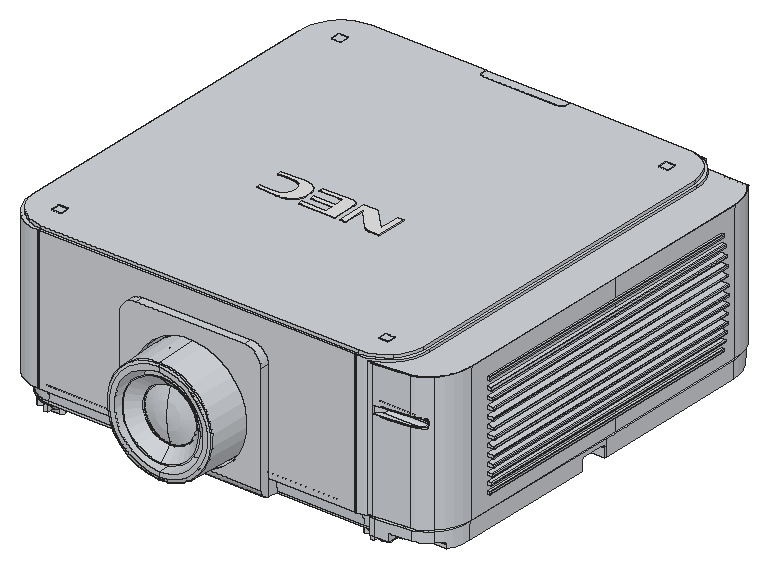
Revit family "PX602WL", category Generic Models, Revit 2012 (continued)
Forms (in)
  Extrusion 32, void
    sketch origin (0, 0, 0) x (0, 1, 0) y (0, 0, 1)
      loop
        line (12.80398, 2.75124) -> (13.86296, 2.75124)
        arc (13.86296, 2.75124) -> (13.87913, 2.75794) -> (13.88583, 2.77411) r 0.02286
        line (13.88583, 2.77411) -> (13.88583, 2.87547)
      loop
        arc (12.70472, 2.87547) -> (12.69844, 2.89063) -> (12.68328, 2.89691) r 0.02144
        line (12.68328, 2.89691) -> (11.58151, 2.89691)
        arc (11.58151, 2.89691) -> (11.56548, 2.89027) -> (11.55884, 2.87424) r 0.02267
        line (11.55884, 2.87424) -> (11.55884, 2.7703)
        arc (11.55884, 2.7703) -> (11.56604, 2.75297) -> (11.5834, 2.74586) r 0.02444
        line (11.5834, 2.74586) -> (12.68301, 2.75123)
        arc (12.68301, 2.75123) -> (12.69837, 2.75766) -> (12.70472, 2.77305) r 0.02182
        line (12.70472, 2.77305) -> (12.70472, 2.87547)
      loop
        line (11.48841, 2.77658) -> (11.48841, 2.8798)
        arc (11.48841, 2.8798) -> (11.48187, 2.89558) -> (11.46609, 2.90211) r 0.02231
        line (11.46609, 2.90211) -> (10.41449, 2.90198)
        arc (10.41449, 2.90198) -> (10.39144, 2.89242) -> (10.38189, 2.86937) r 0.03261
        line (10.38189, 2.86937) -> (10.38189, 2.77374)
        arc (10.38189, 2.77374) -> (10.38848, 2.75783) -> (10.40438, 2.75124) r 0.02249
        line (10.40438, 2.75124) -> (11.46307, 2.75124)
        arc (11.46307, 2.75124) -> (11.48098, 2.75867) -> (11.48841, 2.77658) r 0.02534
      loop
        arc (10.30315, 2.87559) -> (10.2969, 2.89067) -> (10.28183, 2.89691) r 0.02132
        line (10.28183, 2.89691) -> (9.22339, 2.89691)
        arc (9.22339, 2.89691) -> (9.20741, 2.89029) -> (9.20079, 2.87431) r 0.0226
        line (9.20079, 2.87431) -> (9.20079, 2.77271)
        arc (9.20079, 2.77271) -> (9.20707, 2.75753) -> (9.22225, 2.75124) r 0.02146
        line (9.22225, 2.75124) -> (10.28178, 2.75124)
        arc (10.28178, 2.75124) -> (10.29689, 2.7575) -> (10.30315, 2.77261) r 0.02137
        line (10.30315, 2.77261) -> (10.30315, 2.87559)
      loop
        arc (9.12205, 2.87576) -> (9.11585, 2.89072) -> (9.1009, 2.89691) r 0.02115
        line (9.1009, 2.89691) -> (8.04105, 2.89691)
        arc (8.04105, 2.89691) -> (8.02594, 2.89066) -> (8.01969, 2.87555) r 0.02137
        line (8.01969, 2.87555) -> (8.01969, 2.77225)
        arc (8.01969, 2.77225) -> (8.02584, 2.7574) -> (8.04069, 2.75124) r 0.021
        line (8.04069, 2.75124) -> (9.09901, 2.75124)
        arc (9.09901, 2.75124) -> (9.1153, 2.75799) -> (9.12205, 2.77428) r 0.02304
        line (9.12205, 2.77428) -> (9.12205, 2.87576)
      loop
        arc (7.94094, 2.87568) -> (7.93473, 2.8907) -> (7.91971, 2.89691) r 0.02123
        line (7.91971, 2.89691) -> (6.81961, 2.89691)
        arc (6.81961, 2.89691) -> (6.80519, 2.89094) -> (6.79921, 2.87652) r 0.0204
        line (6.79921, 2.87652) -> (6.79921, 2.77368)
        arc (6.79921, 2.77368) -> (6.80578, 2.75782) -> (6.82165, 2.75124) r 0.02244
        line (6.82165, 2.75124) -> (7.92041, 2.75124)
        arc (7.92041, 2.75124) -> (7.93493, 2.75726) -> (7.94094, 2.77178) r 0.02053
        line (7.94094, 2.77178) -> (7.94094, 2.87568)
      loop
        line (16.24803, 3.0029) -> (16.24803, 3.0968)
        arc (16.24803, 3.0968) -> (16.24035, 3.11536) -> (16.22179, 3.12305) r 0.02624
        line (16.22179, 3.12305) -> (15.16716, 3.12305)
        arc (15.16716, 3.12305) -> (15.15196, 3.11675) -> (15.14567, 3.10155) r 0.02149
        line (15.14567, 3.10155) -> (15.14567, 3.00045)
        arc (15.14567, 3.00045) -> (15.15243, 2.98413) -> (15.16874, 2.97738) r 0.02307
        line (15.16874, 2.97738) -> (16.22251, 2.97738)
        arc (16.22251, 2.97738) -> (16.24056, 2.98485) -> (16.24803, 3.0029) r 0.02552
      loop
        arc (15.06693, 3.10102) -> (15.06048, 3.11659) -> (15.0449, 3.12305) r 0.02203
        line (15.0449, 3.12305) -> (13.98681, 3.12305)
        arc (13.98681, 3.12305) -> (13.97108, 3.11653) -> (13.96457, 3.1008) r 0.02225
        line (13.96457, 3.1008) -> (13.96457, 2.99899)
        arc (13.96457, 2.99899) -> (13.9709, 2.98371) -> (13.98618, 2.97738) r 0.02161
        line (13.98618, 2.97738) -> (15.04456, 2.97738)
        arc (15.04456, 2.97738) -> (15.06038, 2.98393) -> (15.06693, 2.99975) r 0.02237
        line (15.06693, 2.99975) -> (15.06693, 3.10102)
      loop
        arc (13.88583, 3.1016) -> (13.87954, 3.11676) -> (13.86438, 3.12305) r 0.02145
        line (13.86438, 3.12305) -> (12.80478, 3.12305)
        arc (12.80478, 3.12305) -> (12.78971, 3.1168) -> (12.78346, 3.10173) r 0.02131
        line (12.78346, 3.10173) -> (12.78346, 2.99789)
        arc (12.78346, 2.99789) -> (12.78947, 2.98339) -> (12.80398, 2.97738) r 0.02052
        line (12.80398, 2.97738) -> (13.86296, 2.97738)
        arc (13.86296, 2.97738) -> (13.87913, 2.98407) -> (13.88583, 3.00024) r 0.02286
        line (13.88583, 3.00024) -> (13.88583, 3.1016)
      loop
        arc (12.70472, 3.1016) -> (12.69844, 3.11677) -> (12.68328, 3.12305) r 0.02144
        line (12.68328, 3.12305) -> (11.58151, 3.12305)
        arc (11.58151, 3.12305) -> (11.56548, 3.11641) -> (11.55884, 3.10038) r 0.02267
        line (11.55884, 3.10038) -> (11.55884, 2.99643)
        arc (11.55884, 2.99643) -> (11.56604, 2.9791) -> (11.5834, 2.97199) r 0.02444
        line (11.5834, 2.97199) -> (12.68301, 2.97737)
        arc (12.68301, 2.97737) -> (12.69837, 2.98379) -> (12.70472, 2.99918) r 0.02182
        line (12.70472, 2.99918) -> (12.70472, 3.1016)
      loop
        line (11.48841, 3.00272) -> (11.48841, 3.10593)
        arc (11.48841, 3.10593) -> (11.48187, 3.12171) -> (11.46609, 3.12824) r 0.02231
        line (11.46609, 3.12824) -> (10.41449, 3.12811)
        arc (10.41449, 3.12811) -> (10.39144, 3.11856) -> (10.38189, 3.0955) r 0.03261
        line (10.38189, 3.0955) -> (10.38189, 2.99987)
        arc (10.38189, 2.99987) -> (10.38848, 2.98396) -> (10.40438, 2.97738) r 0.02249
        line (10.40438, 2.97738) -> (11.46307, 2.97738)
        arc (11.46307, 2.97738) -> (11.48098, 2.9848) -> (11.48841, 3.00272) r 0.02534
      loop
        arc (10.30315, 3.10172) -> (10.2969, 3.1168) -> (10.28183, 3.12305) r 0.02132
        line (10.28183, 3.12305) -> (9.22339, 3.12305)
        arc (9.22339, 3.12305) -> (9.20741, 3.11643) -> (9.20079, 3.10044) r 0.0226
        line (9.20079, 3.10044) -> (9.20079, 2.99884)
        arc (9.20079, 2.99884) -> (9.20707, 2.98366) -> (9.22225, 2.97738) r 0.02146
        line (9.22225, 2.97738) -> (10.28178, 2.97738)
        arc (10.28178, 2.97738) -> (10.29689, 2.98364) -> (10.30315, 2.99874) r 0.02137
        line (10.30315, 2.99874) -> (10.30315, 3.10172)
      loop
        arc (9.12205, 3.10189) -> (9.11585, 3.11685) -> (9.1009, 3.12305) r 0.02115
        line (9.1009, 3.12305) -> (8.04105, 3.12305)
        arc (8.04105, 3.12305) -> (8.02594, 3.11679) -> (8.01969, 3.10168) r 0.02137
        line (8.01969, 3.10168) -> (8.01969, 2.99838)
        arc (8.01969, 2.99838) -> (8.02584, 2.98353) -> (8.04069, 2.97738) r 0.021
        line (8.04069, 2.97738) -> (9.09901, 2.97738)
        arc (9.09901, 2.97738) -> (9.1153, 2.98412) -> (9.12205, 3.00041) r 0.02304
        line (9.12205, 3.00041) -> (9.12205, 3.10189)
      loop
        arc (7.94094, 3.10181) -> (7.93473, 3.11683) -> (7.91971, 3.12305) r 0.02123
        line (7.91971, 3.12305) -> (6.81961, 3.12305)
        arc (6.81961, 3.12305) -> (6.80519, 3.11707) -> (6.79921, 3.10265) r 0.0204
        line (6.79921, 3.10265) -> (6.79921, 2.99982)
        arc (6.79921, 2.99982) -> (6.80578, 2.98395) -> (6.82165, 2.97738) r 0.02244
        line (6.82165, 2.97738) -> (7.92041, 2.97738)
        arc (7.92041, 2.97738) -> (7.93493, 2.98339) -> (7.94094, 2.99791) r 0.02053
        line (7.94094, 2.99791) -> (7.94094, 3.10181)
      loop
        line (16.24803, 3.22353) -> (16.24803, 3.31744)
        arc (16.24803, 3.31744) -> (16.24035, 3.336) -> (16.22179, 3.34368) r 0.02624
        line (16.22179, 3.34368) -> (15.16716, 3.34368)
        arc (15.16716, 3.34368) -> (15.15196, 3.33739) -> (15.14567, 3.32219) r 0.02149
        line (15.14567, 3.32219) -> (15.14567, 3.22109)
        arc (15.14567, 3.22109) -> (15.15243, 3.20477) -> (15.16874, 3.19801) r 0.02307
        line (15.16874, 3.19801) -> (16.22251, 3.19801)
        arc (16.22251, 3.19801) -> (16.24056, 3.20549) -> (16.24803, 3.22353) r 0.02552
      loop
        arc (15.06693, 3.32165) -> (15.06048, 3.33723) -> (15.0449, 3.34368) r 0.02203
        line (15.0449, 3.34368) -> (13.98681, 3.34368)
        arc (13.98681, 3.34368) -> (13.97108, 3.33717) -> (13.96457, 3.32143) r 0.02225
        line (13.96457, 3.32143) -> (13.96457, 3.21962)
        arc (13.96457, 3.21962) -> (13.9709, 3.20434) -> (13.98618, 3.19801) r 0.02161
        line (13.98618, 3.19801) -> (15.04456, 3.19801)
        arc (15.04456, 3.19801) -> (15.06038, 3.20456) -> (15.06693, 3.22038) r 0.02237
        line (15.06693, 3.22038) -> (15.06693, 3.32165)
      loop
        arc (13.88583, 3.32223) -> (13.87954, 3.3374) -> (13.86438, 3.34368) r 0.02145
        line (13.86438, 3.34368) -> (12.80478, 3.34368)
        arc (12.80478, 3.34368) -> (12.78971, 3.33744) -> (12.78346, 3.32237) r 0.02131
        line (12.78346, 3.32237) -> (12.78346, 3.21853)
        arc (12.78346, 3.21853) -> (12.78947, 3.20402) -> (12.80398, 3.19801) r 0.02052
        line (12.80398, 3.19801) -> (13.86296, 3.19801)
        arc (13.86296, 3.19801) -> (13.87913, 3.20471) -> (13.88583, 3.22088) r 0.02286
        line (13.88583, 3.22088) -> (13.88583, 3.32223)
      loop
        arc (12.70472, 3.32224) -> (12.69844, 3.3374) -> (12.68328, 3.34368) r 0.02144
        line (12.68328, 3.34368) -> (11.58151, 3.34368)
        arc (11.58151, 3.34368) -> (11.56548, 3.33704) -> (11.55884, 3.32101) r 0.02267
        line (11.55884, 3.32101) -> (11.55884, 3.21706)
        arc (11.55884, 3.21706) -> (11.56604, 3.19974) -> (11.5834, 3.19262) r 0.02444
        line (11.5834, 3.19262) -> (12.68301, 3.198)
        arc (12.68301, 3.198) -> (12.69837, 3.20443) -> (12.70472, 3.21982) r 0.02182
        line (12.70472, 3.21982) -> (12.70472, 3.32224)
      loop
        line (11.48841, 3.22335) -> (11.48841, 3.32657)
        arc (11.48841, 3.32657) -> (11.48187, 3.34234) -> (11.46609, 3.34888) r 0.02231
        line (11.46609, 3.34888) -> (10.41449, 3.34874)
        arc (10.41449, 3.34874) -> (10.39144, 3.33919) -> (10.38189, 3.31614) r 0.03261
        line (10.38189, 3.31614) -> (10.38189, 3.2205)
        arc (10.38189, 3.2205) -> (10.38848, 3.2046) -> (10.40438, 3.19801) r 0.02249
        line (10.40438, 3.19801) -> (11.46307, 3.19801)
        arc (11.46307, 3.19801) -> (11.48098, 3.20543) -> (11.48841, 3.22335) r 0.02534
      loop
        arc (10.30315, 3.32236) -> (10.2969, 3.33744) -> (10.28183, 3.34368) r 0.02132
        line (10.28183, 3.34368) -> (9.22339, 3.34368)
        arc (9.22339, 3.34368) -> (9.20741, 3.33706) -> (9.20079, 3.32108) r 0.0226
        line (9.20079, 3.32108) -> (9.20079, 3.21948)
        arc (9.20079, 3.21948) -> (9.20707, 3.2043) -> (9.22225, 3.19801) r 0.02146
        line (9.22225, 3.19801) -> (10.28178, 3.19801)
        arc (10.28178, 3.19801) -> (10.29689, 3.20427) -> (10.30315, 3.21938) r 0.02137
        line (10.30315, 3.21938) -> (10.30315, 3.32236)
      loop
        arc (9.12205, 3.32253) -> (9.11585, 3.33749) -> (9.1009, 3.34368) r 0.02115
        line (9.1009, 3.34368) -> (8.04105, 3.34368)
        arc (8.04105, 3.34368) -> (8.02594, 3.33742) -> (8.01969, 3.32231) r 0.02137
        line (8.01969, 3.32231) -> (8.01969, 3.21901)
        arc (8.01969, 3.21901) -> (8.02584, 3.20416) -> (8.04069, 3.19801) r 0.021
        line (8.04069, 3.19801) -> (9.09901, 3.19801)
        arc (9.09901, 3.19801) -> (9.1153, 3.20476) -> (9.12205, 3.22105) r 0.02304
        line (9.12205, 3.22105) -> (9.12205, 3.32253)
      loop
        arc (7.94094, 3.32245) -> (7.93473, 3.33746) -> (7.91971, 3.34368) r 0.02123
        line (7.91971, 3.34368) -> (6.81961, 3.34368)
        arc (6.81961, 3.34368) -> (6.80519, 3.33771) -> (6.79921, 3.32329) r 0.0204
        line (6.79921, 3.32329) -> (6.79921, 3.22045)
        arc (6.79921, 3.22045) -> (6.80578, 3.20458) -> (6.82165, 3.19801) r 0.02244
        line (6.82165, 3.19801) -> (7.92041, 3.19801)
        arc (7.92041, 3.19801) -> (7.93493, 3.20403) -> (7.94094, 3.21854) r 0.02053
        line (7.94094, 3.21854) -> (7.94094, 3.32245)
      loop
        line (16.24803, 3.4498) -> (16.24803, 3.54371)
        arc (16.24803, 3.54371) -> (16.24035, 3.56227) -> (16.22179, 3.56995) r 0.02624
        line (16.22179, 3.56995) -> (15.16716, 3.56995)
        arc (15.16716, 3.56995) -> (15.15196, 3.56366) -> (15.14567, 3.54846) r 0.02149
        line (15.14567, 3.54846) -> (15.14567, 3.44736)
        arc (15.14567, 3.44736) -> (15.15243, 3.43104) -> (15.16874, 3.42428) r 0.02307
        line (15.16874, 3.42428) -> (16.22251, 3.42428)
        arc (16.22251, 3.42428) -> (16.24056, 3.43176) -> (16.24803, 3.4498) r 0.02552
      loop
        arc (15.06693, 3.54792) -> (15.06048, 3.5635) -> (15.0449, 3.56995) r 0.02203
        line (15.0449, 3.56995) -> (13.98681, 3.56995)
        arc (13.98681, 3.56995) -> (13.97108, 3.56344) -> (13.96457, 3.54771) r 0.02225
        line (13.96457, 3.54771) -> (13.96457, 3.44589)
        arc (13.96457, 3.44589) -> (13.9709, 3.43061) -> (13.98618, 3.42428) r 0.02161
        line (13.98618, 3.42428) -> (15.04456, 3.42428)
        arc (15.04456, 3.42428) -> (15.06038, 3.43084) -> (15.06693, 3.44665) r 0.02237
        line (15.06693, 3.44665) -> (15.06693, 3.54792)
      loop
        arc (13.88583, 3.54851) -> (13.87954, 3.56367) -> (13.86438, 3.56995) r 0.02145
        line (13.86438, 3.56995) -> (12.80478, 3.56995)
        arc (12.80478, 3.56995) -> (12.78971, 3.56371) -> (12.78346, 3.54864) r 0.02131
        line (12.78346, 3.54864) -> (12.78346, 3.4448)
        arc (12.78346, 3.4448) -> (12.78947, 3.43029) -> (12.80398, 3.42428) r 0.02052
        line (12.80398, 3.42428) -> (13.86296, 3.42428)
        arc (13.86296, 3.42428) -> (13.87913, 3.43098) -> (13.88583, 3.44715) r 0.02286
        line (13.88583, 3.44715) -> (13.88583, 3.54851)
      loop
        arc (12.70472, 3.54851) -> (12.69844, 3.56367) -> (12.68328, 3.56995) r 0.02144
        line (12.68328, 3.56995) -> (11.58151, 3.56995)
        arc (11.58151, 3.56995) -> (11.56548, 3.56331) -> (11.55884, 3.54728) r 0.02267
        line (11.55884, 3.54728) -> (11.55884, 3.44334)
        arc (11.55884, 3.44334) -> (11.56604, 3.42601) -> (11.5834, 3.41889) r 0.02444
        line (11.5834, 3.41889) -> (12.68301, 3.42427)
        arc (12.68301, 3.42427) -> (12.69837, 3.4307) -> (12.70472, 3.44609) r 0.02182
        line (12.70472, 3.44609) -> (12.70472, 3.54851)
      loop
        line (11.48841, 3.44962) -> (11.48841, 3.55284)
        arc (11.48841, 3.55284) -> (11.48187, 3.56862) -> (11.46609, 3.57515) r 0.02231
        line (11.46609, 3.57515) -> (10.41449, 3.57502)
        arc (10.41449, 3.57502) -> (10.39144, 3.56546) -> (10.38189, 3.54241) r 0.03261
        line (10.38189, 3.54241) -> (10.38189, 3.44678)
        arc (10.38189, 3.44678) -> (10.38848, 3.43087) -> (10.40438, 3.42428) r 0.02249
        line (10.40438, 3.42428) -> (11.46307, 3.42428)
        arc (11.46307, 3.42428) -> (11.48098, 3.43171) -> (11.48841, 3.44962) r 0.02534
      loop
        arc (10.30315, 3.54863) -> (10.2969, 3.56371) -> (10.28183, 3.56995) r 0.02132
        line (10.28183, 3.56995) -> (9.22339, 3.56995)
        arc (9.22339, 3.56995) -> (9.20741, 3.56333) -> (9.20079, 3.54735) r 0.0226
        line (9.20079, 3.54735) -> (9.20079, 3.44575)
        arc (9.20079, 3.44575) -> (9.20707, 3.43057) -> (9.22225, 3.42428) r 0.02146
        line (9.22225, 3.42428) -> (10.28178, 3.42428)
        arc (10.28178, 3.42428) -> (10.29689, 3.43054) -> (10.30315, 3.44565) r 0.02137
        line (10.30315, 3.44565) -> (10.30315, 3.54863)
      loop
        arc (9.12205, 3.5488) -> (9.11585, 3.56376) -> (9.1009, 3.56995) r 0.02115
        line (9.1009, 3.56995) -> (8.04105, 3.56995)
        arc (8.04105, 3.56995) -> (8.02594, 3.5637) -> (8.01969, 3.54859) r 0.02137
        line (8.01969, 3.54859) -> (8.01969, 3.44529)
        arc (8.01969, 3.44529) -> (8.02584, 3.43044) -> (8.04069, 3.42428) r 0.021
        line (8.04069, 3.42428) -> (9.09901, 3.42428)
        arc (9.09901, 3.42428) -> (9.1153, 3.43103) -> (9.12205, 3.44732) r 0.02304
        line (9.12205, 3.44732) -> (9.12205, 3.5488)
      loop
        arc (7.94094, 3.54872) -> (7.93473, 3.56373) -> (7.91971, 3.56995) r 0.02123
        line (7.91971, 3.56995) -> (6.81961, 3.56995)
        arc (6.81961, 3.56995) -> (6.80519, 3.56398) -> (6.79921, 3.54956) r 0.0204
        line (6.79921, 3.54956) -> (6.79921, 3.44672)
        arc (6.79921, 3.44672) -> (6.80578, 3.43086) -> (6.82165, 3.42428) r 0.02244
        line (6.82165, 3.42428) -> (7.92041, 3.42428)
        arc (7.92041, 3.42428) -> (7.93493, 3.4303) -> (7.94094, 3.44482) r 0.02053
        line (7.94094, 3.44482) -> (7.94094, 3.54872)
      loop
        line (16.24803, 3.67506) -> (16.24803, 3.76896)
        arc (16.24803, 3.76896) -> (16.24035, 3.78752) -> (16.22179, 3.79521) r 0.02624
        line (16.22179, 3.79521) -> (15.16716, 3.79521)
        arc (15.16716, 3.79521) -> (15.15196, 3.78891) -> (15.14567, 3.77371) r 0.02149
        line (15.14567, 3.77371) -> (15.14567, 3.67261)
        arc (15.14567, 3.67261) -> (15.15243, 3.6563) -> (15.16874, 3.64954) r 0.02307
        line (15.16874, 3.64954) -> (16.22251, 3.64954)
        arc (16.22251, 3.64954) -> (16.24056, 3.65701) -> (16.24803, 3.67506) r 0.02552
      loop
        arc (15.06693, 3.77318) -> (15.06048, 3.78875) -> (15.0449, 3.79521) r 0.02203
        line (15.0449, 3.79521) -> (13.98681, 3.79521)
        arc (13.98681, 3.79521) -> (13.97108, 3.78869) -> (13.96457, 3.77296) r 0.02225
        line (13.96457, 3.77296) -> (13.96457, 3.67115)
        arc (13.96457, 3.67115) -> (13.9709, 3.65587) -> (13.98618, 3.64954) r 0.02161
        line (13.98618, 3.64954) -> (15.04456, 3.64954)
        arc (15.04456, 3.64954) -> (15.06038, 3.65609) -> (15.06693, 3.67191) r 0.02237
        line (15.06693, 3.67191) -> (15.06693, 3.77318)
      loop
        arc (13.88583, 3.77376) -> (13.87954, 3.78892) -> (13.86438, 3.79521) r 0.02145
        line (13.86438, 3.79521) -> (12.80478, 3.79521)
        arc (12.80478, 3.79521) -> (12.78971, 3.78896) -> (12.78346, 3.77389) r 0.02131
        line (12.78346, 3.77389) -> (12.78346, 3.67005)
        arc (12.78346, 3.67005) -> (12.78947, 3.65555) -> (12.80398, 3.64954) r 0.02052
        line (12.80398, 3.64954) -> (13.86296, 3.64954)
        arc (13.86296, 3.64954) -> (13.87913, 3.65623) -> (13.88583, 3.6724) r 0.02286
        line (13.88583, 3.6724) -> (13.88583, 3.77376)
      loop
        arc (12.70472, 3.77377) -> (12.69844, 3.78893) -> (12.68328, 3.79521) r 0.02144
        line (12.68328, 3.79521) -> (11.58151, 3.79521)
        arc (11.58151, 3.79521) -> (11.56548, 3.78857) -> (11.55884, 3.77254) r 0.02267
        line (11.55884, 3.77254) -> (11.55884, 3.66859)
        arc (11.55884, 3.66859) -> (11.56604, 3.65126) -> (11.5834, 3.64415) r 0.02444
        line (11.5834, 3.64415) -> (12.68301, 3.64953)
        arc (12.68301, 3.64953) -> (12.69837, 3.65595) -> (12.70472, 3.67134) r 0.02182
        line (12.70472, 3.67134) -> (12.70472, 3.77377)
      loop
        line (11.48841, 3.67488) -> (11.48841, 3.77809)
        arc (11.48841, 3.77809) -> (11.48187, 3.79387) -> (11.46609, 3.8004) r 0.02231
        line (11.46609, 3.8004) -> (10.41449, 3.80027)
        arc (10.41449, 3.80027) -> (10.39144, 3.79072) -> (10.38189, 3.76766) r 0.03261
        line (10.38189, 3.76766) -> (10.38189, 3.67203)
        arc (10.38189, 3.67203) -> (10.38848, 3.65612) -> (10.40438, 3.64954) r 0.02249
        line (10.40438, 3.64954) -> (11.46307, 3.64954)
        arc (11.46307, 3.64954) -> (11.48098, 3.65696) -> (11.48841, 3.67488) r 0.02534
      loop
        arc (10.30315, 3.77388) -> (10.2969, 3.78896) -> (10.28183, 3.79521) r 0.02132
        line (10.28183, 3.79521) -> (9.22339, 3.79521)
        arc (9.22339, 3.79521) -> (9.20741, 3.78859) -> (9.20079, 3.7726) r 0.0226
        line (9.20079, 3.7726) -> (9.20079, 3.671)
        arc (9.20079, 3.671) -> (9.20707, 3.65582) -> (9.22225, 3.64954) r 0.02146
        line (9.22225, 3.64954) -> (10.28178, 3.64954)
        arc (10.28178, 3.64954) -> (10.29689, 3.6558) -> (10.30315, 3.67091) r 0.02137
        line (10.30315, 3.67091) -> (10.30315, 3.77388)
      loop
        arc (9.12205, 3.77406) -> (9.11585, 3.78901) -> (9.1009, 3.79521) r 0.02115
        line (9.1009, 3.79521) -> (8.04105, 3.79521)
        arc (8.04105, 3.79521) -> (8.02594, 3.78895) -> (8.01969, 3.77384) r 0.02137
        line (8.01969, 3.77384) -> (8.01969, 3.67054)
        arc (8.01969, 3.67054) -> (8.02584, 3.65569) -> (8.04069, 3.64954) r 0.021
        line (8.04069, 3.64954) -> (9.09901, 3.64954)
        arc (9.09901, 3.64954) -> (9.1153, 3.65628) -> (9.12205, 3.67258) r 0.02304
        line (9.12205, 3.67258) -> (9.12205, 3.77406)
      loop
        arc (7.94094, 3.77397) -> (7.93473, 3.78899) -> (7.91971, 3.79521) r 0.02123
        line (7.91971, 3.79521) -> (6.81961, 3.79521)
        arc (6.81961, 3.79521) -> (6.80519, 3.78923) -> (6.79921, 3.77481) r 0.0204
        line (6.79921, 3.77481) -> (6.79921, 3.67198)
        arc (6.79921, 3.67198) -> (6.80578, 3.65611) -> (6.82165, 3.64954) r 0.02244
        line (6.82165, 3.64954) -> (7.92041, 3.64954)
        arc (7.92041, 3.64954) -> (7.93493, 3.65555) -> (7.94094, 3.67007) r 0.02053
        line (7.94094, 3.67007) -> (7.94094, 3.77397)
      loop
        line (16.24803, 3.89716) -> (16.24803, 3.99106)
        arc (16.24803, 3.99106) -> (16.24035, 4.00962) -> (16.22179, 4.01731) r 0.02624
        line (16.22179, 4.01731) -> (15.16716, 4.01731)
        arc (15.16716, 4.01731) -> (15.15196, 4.01101) -> (15.14567, 3.99581) r 0.02149
        line (15.14567, 3.99581) -> (15.14567, 3.89471)
        arc (15.14567, 3.89471) -> (15.15243, 3.8784) -> (15.16874, 3.87164) r 0.02307
        line (15.16874, 3.87164) -> (16.22251, 3.87164)
        arc (16.22251, 3.87164) -> (16.24056, 3.87911) -> (16.24803, 3.89716) r 0.02552
      loop
        arc (15.06693, 3.99528) -> (15.06048, 4.01085) -> (15.0449, 4.01731) r 0.02203
        line (15.0449, 4.01731) -> (13.98681, 4.01731)
        arc (13.98681, 4.01731) -> (13.97108, 4.01079) -> (13.96457, 3.99506) r 0.02225
        line (13.96457, 3.99506) -> (13.96457, 3.89325)
        arc (13.96457, 3.89325) -> (13.9709, 3.87797) -> (13.98618, 3.87164) r 0.02161
        line (13.98618, 3.87164) -> (15.04456, 3.87164)
        arc (15.04456, 3.87164) -> (15.06038, 3.87819) -> (15.06693, 3.89401) r 0.02237
        line (15.06693, 3.89401) -> (15.06693, 3.99528)
      loop
        arc (13.88583, 3.99586) -> (13.87954, 4.01102) -> (13.86438, 4.01731) r 0.02145
        line (13.86438, 4.01731) -> (12.80478, 4.01731)
        arc (12.80478, 4.01731) -> (12.78971, 4.01106) -> (12.78346, 3.99599) r 0.02131
        line (12.78346, 3.99599) -> (12.78346, 3.89215)
        arc (12.78346, 3.89215) -> (12.78947, 3.87765) -> (12.80398, 3.87164) r 0.02052
        line (12.80398, 3.87164) -> (13.86296, 3.87164)
        arc (13.86296, 3.87164) -> (13.87913, 3.87833) -> (13.88583, 3.8945) r 0.02286
        line (13.88583, 3.8945) -> (13.88583, 3.99586)
      loop
        arc (12.70472, 3.99587) -> (12.69844, 4.01103) -> (12.68328, 4.01731) r 0.02144
        line (12.68328, 4.01731) -> (11.58151, 4.01731)
        arc (11.58151, 4.01731) -> (11.56548, 4.01067) -> (11.55884, 3.99464) r 0.02267
        line (11.55884, 3.99464) -> (11.55884, 3.89069)
        arc (11.55884, 3.89069) -> (11.56604, 3.87336) -> (11.5834, 3.86625) r 0.02444
        line (11.5834, 3.86625) -> (12.68301, 3.87163)
        arc (12.68301, 3.87163) -> (12.69837, 3.87805) -> (12.70472, 3.89344) r 0.02182
        line (12.70472, 3.89344) -> (12.70472, 3.99587)
      loop
        line (11.48841, 3.89698) -> (11.48841, 4.00019)
        arc (11.48841, 4.00019) -> (11.48187, 4.01597) -> (11.46609, 4.0225) r 0.02231
        line (11.46609, 4.0225) -> (10.41449, 4.02237)
        arc (10.41449, 4.02237) -> (10.39144, 4.01282) -> (10.38189, 3.98976) r 0.03261
        line (10.38189, 3.98976) -> (10.38189, 3.89413)
        arc (10.38189, 3.89413) -> (10.38848, 3.87822) -> (10.40438, 3.87164) r 0.02249
        line (10.40438, 3.87164) -> (11.46307, 3.87164)
        arc (11.46307, 3.87164) -> (11.48098, 3.87906) -> (11.48841, 3.89698) r 0.02534
      loop
        arc (10.30315, 3.99598) -> (10.2969, 4.01106) -> (10.28183, 4.01731) r 0.02132
        line (10.28183, 4.01731) -> (9.22339, 4.01731)
        arc (9.22339, 4.01731) -> (9.20741, 4.01069) -> (9.20079, 3.9947) r 0.0226
        line (9.20079, 3.9947) -> (9.20079, 3.8931)
        arc (9.20079, 3.8931) -> (9.20707, 3.87792) -> (9.22225, 3.87164) r 0.02146
        line (9.22225, 3.87164) -> (10.28178, 3.87164)
        arc (10.28178, 3.87164) -> (10.29689, 3.8779) -> (10.30315, 3.89301) r 0.02137
        line (10.30315, 3.89301) -> (10.30315, 3.99598)
      loop
        arc (9.12205, 3.99616) -> (9.11585, 4.01111) -> (9.1009, 4.01731) r 0.02115
        line (9.1009, 4.01731) -> (8.04105, 4.01731)
        arc (8.04105, 4.01731) -> (8.02594, 4.01105) -> (8.01969, 3.99594) r 0.02137
        line (8.01969, 3.99594) -> (8.01969, 3.89264)
        arc (8.01969, 3.89264) -> (8.02584, 3.87779) -> (8.04069, 3.87164) r 0.021
        line (8.04069, 3.87164) -> (9.09901, 3.87164)
        arc (9.09901, 3.87164) -> (9.1153, 3.87839) -> (9.12205, 3.89468) r 0.02304
        line (9.12205, 3.89468) -> (9.12205, 3.99616)
      loop
        arc (7.94094, 3.99608) -> (7.93473, 4.01109) -> (7.91971, 4.01731) r 0.02123
        line (7.91971, 4.01731) -> (6.81961, 4.01731)
        arc (6.81961, 4.01731) -> (6.80519, 4.01133) -> (6.79921, 3.99691) r 0.0204
        line (6.79921, 3.99691) -> (6.79921, 3.89408)
        arc (6.79921, 3.89408) -> (6.80578, 3.87821) -> (6.82165, 3.87164) r 0.02244
        line (6.82165, 3.87164) -> (7.92041, 3.87164)
        arc (7.92041, 3.87164) -> (7.93493, 3.87765) -> (7.94094, 3.89217) r 0.02053
        line (7.94094, 3.89217) -> (7.94094, 3.99608)
      loop
        line (16.24803, 4.1206) -> (16.24803, 4.21451)
        arc (16.24803, 4.21451) -> (16.24035, 4.23307) -> (16.22179, 4.24075) r 0.02624
        line (16.22179, 4.24075) -> (15.16716, 4.24075)
        arc (15.16716, 4.24075) -> (15.15196, 4.23446) -> (15.14567, 4.21926) r 0.02149
        line (15.14567, 4.21926) -> (15.14567, 4.11816)
        arc (15.14567, 4.11816) -> (15.15243, 4.10184) -> (15.16874, 4.09509) r 0.02307
        line (15.16874, 4.09509) -> (16.22251, 4.09509)
        arc (16.22251, 4.09509) -> (16.24056, 4.10256) -> (16.24803, 4.1206) r 0.02552
      loop
        arc (15.06693, 4.21872) -> (15.06048, 4.2343) -> (15.0449, 4.24075) r 0.02203
        line (15.0449, 4.24075) -> (13.98681, 4.24075)
        arc (13.98681, 4.24075) -> (13.97108, 4.23424) -> (13.96457, 4.21851) r 0.02225
        line (13.96457, 4.21851) -> (13.96457, 4.11669)
        arc (13.96457, 4.11669) -> (13.9709, 4.10141) -> (13.98618, 4.09509) r 0.02161
        line (13.98618, 4.09509) -> (15.04456, 4.09509)
        arc (15.04456, 4.09509) -> (15.06038, 4.10164) -> (15.06693, 4.11745) r 0.02237
        line (15.06693, 4.11745) -> (15.06693, 4.21872)
      loop
        arc (13.88583, 4.21931) -> (13.87954, 4.23447) -> (13.86438, 4.24075) r 0.02145
        line (13.86438, 4.24075) -> (12.80478, 4.24075)
        arc (12.80478, 4.24075) -> (12.78971, 4.23451) -> (12.78346, 4.21944) r 0.02131
        line (12.78346, 4.21944) -> (12.78346, 4.1156)
        arc (12.78346, 4.1156) -> (12.78947, 4.10109) -> (12.80398, 4.09509) r 0.02052
        line (12.80398, 4.09509) -> (13.86296, 4.09509)
        arc (13.86296, 4.09509) -> (13.87913, 4.10178) -> (13.88583, 4.11795) r 0.02286
        line (13.88583, 4.11795) -> (13.88583, 4.21931)
      loop
        arc (12.70472, 4.21931) -> (12.69844, 4.23447) -> (12.68328, 4.24075) r 0.02144
        line (12.68328, 4.24075) -> (11.58151, 4.24075)
        arc (11.58151, 4.24075) -> (11.56548, 4.23411) -> (11.55884, 4.21808) r 0.02267
        line (11.55884, 4.21808) -> (11.55884, 4.11414)
        arc (11.55884, 4.11414) -> (11.56604, 4.09681) -> (11.5834, 4.0897) r 0.02444
        line (11.5834, 4.0897) -> (12.68301, 4.09508)
        arc (12.68301, 4.09508) -> (12.69837, 4.1015) -> (12.70472, 4.11689) r 0.02182
        line (12.70472, 4.11689) -> (12.70472, 4.21931)
      loop
        line (11.48841, 4.12042) -> (11.48841, 4.22364)
        arc (11.48841, 4.22364) -> (11.48187, 4.23942) -> (11.46609, 4.24595) r 0.02231
        line (11.46609, 4.24595) -> (10.41449, 4.24582)
        arc (10.41449, 4.24582) -> (10.39144, 4.23626) -> (10.38189, 4.21321) r 0.03261
        line (10.38189, 4.21321) -> (10.38189, 4.11758)
        arc (10.38189, 4.11758) -> (10.38848, 4.10167) -> (10.40438, 4.09509) r 0.02249
        line (10.40438, 4.09509) -> (11.46307, 4.09509)
        arc (11.46307, 4.09509) -> (11.48098, 4.10251) -> (11.48841, 4.12042) r 0.02534
      loop
        arc (10.30315, 4.21943) -> (10.2969, 4.23451) -> (10.28183, 4.24075) r 0.02132
        line (10.28183, 4.24075) -> (9.22339, 4.24075)
        arc (9.22339, 4.24075) -> (9.20741, 4.23413) -> (9.20079, 4.21815) r 0.0226
        line (9.20079, 4.21815) -> (9.20079, 4.11655)
        arc (9.20079, 4.11655) -> (9.20707, 4.10137) -> (9.22225, 4.09509) r 0.02146
        line (9.22225, 4.09509) -> (10.28178, 4.09509)
        arc (10.28178, 4.09509) -> (10.29689, 4.10134) -> (10.30315, 4.11645) r 0.02137
        line (10.30315, 4.11645) -> (10.30315, 4.21943)
      loop
        arc (9.12205, 4.2196) -> (9.11585, 4.23456) -> (9.1009, 4.24075) r 0.02115
        line (9.1009, 4.24075) -> (8.04105, 4.24075)
        arc (8.04105, 4.24075) -> (8.02594, 4.2345) -> (8.01969, 4.21939) r 0.02137
        line (8.01969, 4.21939) -> (8.01969, 4.11609)
        arc (8.01969, 4.11609) -> (8.02584, 4.10124) -> (8.04069, 4.09509) r 0.021
        line (8.04069, 4.09509) -> (9.09901, 4.09509)
        arc (9.09901, 4.09509) -> (9.1153, 4.10183) -> (9.12205, 4.11812) r 0.02304
        line (9.12205, 4.11812) -> (9.12205, 4.2196)
      loop
        arc (7.94094, 4.21952) -> (7.93473, 4.23454) -> (7.91971, 4.24075) r 0.02123
        line (7.91971, 4.24075) -> (6.81961, 4.24075)
        arc (6.81961, 4.24075) -> (6.80519, 4.23478) -> (6.79921, 4.22036) r 0.0204
        line (6.79921, 4.22036) -> (6.79921, 4.11752)
        arc (6.79921, 4.11752) -> (6.80578, 4.10166) -> (6.82165, 4.09509) r 0.02244
        line (6.82165, 4.09509) -> (7.92041, 4.09509)
        arc (7.92041, 4.09509) -> (7.93493, 4.1011) -> (7.94094, 4.11562) r 0.02053
        line (7.94094, 4.11562) -> (7.94094, 4.21952)
      loop
        line (16.24803, 4.3488) -> (16.24803, 4.4427)
        arc (16.24803, 4.4427) -> (16.24035, 4.46126) -> (16.22179, 4.46895) r 0.02624
        line (16.22179, 4.46895) -> (15.16716, 4.46895)
        arc (15.16716, 4.46895) -> (15.15196, 4.46265) -> (15.14567, 4.44745) r 0.02149
        line (15.14567, 4.44745) -> (15.14567, 4.34635)
        arc (15.14567, 4.34635) -> (15.15243, 4.33003) -> (15.16874, 4.32328) r 0.02307
        line (15.16874, 4.32328) -> (16.22251, 4.32328)
        arc (16.22251, 4.32328) -> (16.24056, 4.33075) -> (16.24803, 4.3488) r 0.02552
      loop
        arc (15.06693, 4.44692) -> (15.06048, 4.46249) -> (15.0449, 4.46895) r 0.02203
        line (15.0449, 4.46895) -> (13.98681, 4.46895)
        arc (13.98681, 4.46895) -> (13.97108, 4.46243) -> (13.96457, 4.4467) r 0.02225
        line (13.96457, 4.4467) -> (13.96457, 4.34489)
        arc (13.96457, 4.34489) -> (13.9709, 4.32961) -> (13.98618, 4.32328) r 0.02161
        line (13.98618, 4.32328) -> (15.04456, 4.32328)
        arc (15.04456, 4.32328) -> (15.06038, 4.32983) -> (15.06693, 4.34565) r 0.02237
        line (15.06693, 4.34565) -> (15.06693, 4.44692)
      loop
        arc (13.88583, 4.4475) -> (13.87954, 4.46266) -> (13.86438, 4.46895) r 0.02145
        line (13.86438, 4.46895) -> (12.80478, 4.46895)
        arc (12.80478, 4.46895) -> (12.78971, 4.4627) -> (12.78346, 4.44763) r 0.02131
        line (12.78346, 4.44763) -> (12.78346, 4.34379)
        arc (12.78346, 4.34379) -> (12.78947, 4.32929) -> (12.80398, 4.32328) r 0.02052
        line (12.80398, 4.32328) -> (13.86296, 4.32328)
        arc (13.86296, 4.32328) -> (13.87913, 4.32997) -> (13.88583, 4.34614) r 0.02286
        line (13.88583, 4.34614) -> (13.88583, 4.4475)
      loop
        arc (12.70472, 4.4475) -> (12.69844, 4.46267) -> (12.68328, 4.46895) r 0.02144
        line (12.68328, 4.46895) -> (11.58151, 4.46895)
        arc (11.58151, 4.46895) -> (11.56548, 4.46231) -> (11.55884, 4.44628) r 0.02267
        line (11.55884, 4.44628) -> (11.55884, 4.34233)
        arc (11.55884, 4.34233) -> (11.56604, 4.325) -> (11.5834, 4.31789) r 0.02444
        line (11.5834, 4.31789) -> (12.68301, 4.32327)
        arc (12.68301, 4.32327) -> (12.69837, 4.32969) -> (12.70472, 4.34508) r 0.02182
        line (12.70472, 4.34508) -> (12.70472, 4.4475)
      loop
        line (11.48841, 4.34862) -> (11.48841, 4.45183)
        arc (11.48841, 4.45183) -> (11.48187, 4.46761) -> (11.46609, 4.47414) r 0.02231
        line (11.46609, 4.47414) -> (10.41449, 4.47401)
        arc (10.41449, 4.47401) -> (10.39144, 4.46446) -> (10.38189, 4.4414) r 0.03261
        line (10.38189, 4.4414) -> (10.38189, 4.34577)
        arc (10.38189, 4.34577) -> (10.38848, 4.32986) -> (10.40438, 4.32328) r 0.02249
        line (10.40438, 4.32328) -> (11.46307, 4.32328)
        arc (11.46307, 4.32328) -> (11.48098, 4.3307) -> (11.48841, 4.34862) r 0.02534
      loop
        arc (10.30315, 4.44762) -> (10.2969, 4.4627) -> (10.28183, 4.46895) r 0.02132
        line (10.28183, 4.46895) -> (9.22339, 4.46895)
        arc (9.22339, 4.46895) -> (9.20741, 4.46233) -> (9.20079, 4.44634) r 0.0226
        line (9.20079, 4.44634) -> (9.20079, 4.34474)
        arc (9.20079, 4.34474) -> (9.20707, 4.32956) -> (9.22225, 4.32328) r 0.02146
        line (9.22225, 4.32328) -> (10.28178, 4.32328)
        arc (10.28178, 4.32328) -> (10.29689, 4.32954) -> (10.30315, 4.34465) r 0.02137
        line (10.30315, 4.34465) -> (10.30315, 4.44762)
      loop
        arc (9.12205, 4.44779) -> (9.11585, 4.46275) -> (9.1009, 4.46895) r 0.02115
        line (9.1009, 4.46895) -> (8.04105, 4.46895)
        arc (8.04105, 4.46895) -> (8.02594, 4.46269) -> (8.01969, 4.44758) r 0.02137
        line (8.01969, 4.44758) -> (8.01969, 4.34428)
        arc (8.01969, 4.34428) -> (8.02584, 4.32943) -> (8.04069, 4.32328) r 0.021
        line (8.04069, 4.32328) -> (9.09901, 4.32328)
        arc (9.09901, 4.32328) -> (9.1153, 4.33002) -> (9.12205, 4.34631) r 0.02304
        line (9.12205, 4.34631) -> (9.12205, 4.44779)
      loop
        arc (7.94094, 4.44771) -> (7.93473, 4.46273) -> (7.91971, 4.46895) r 0.02123
        line (7.91971, 4.46895) -> (6.81961, 4.46895)
        arc (6.81961, 4.46895) -> (6.80519, 4.46297) -> (6.79921, 4.44855) r 0.0204
        line (6.79921, 4.44855) -> (6.79921, 4.34572)
        arc (6.79921, 4.34572) -> (6.80578, 4.32985) -> (6.82165, 4.32328) r 0.02244
        line (6.82165, 4.32328) -> (7.92041, 4.32328)
        arc (7.92041, 4.32328) -> (7.93493, 4.32929) -> (7.94094, 4.34381) r 0.02053
        line (7.94094, 4.34381) -> (7.94094, 4.44771)
      loop
        line (16.24803, 4.57507) -> (16.24803, 4.66898)
        arc (16.24803, 4.66898) -> (16.24035, 4.68753) -> (16.22179, 4.69522) r 0.02624
        line (16.22179, 4.69522) -> (15.16716, 4.69522)
        arc (15.16716, 4.69522) -> (15.15196, 4.68892) -> (15.14567, 4.67373) r 0.02149
        line (15.14567, 4.67373) -> (15.14567, 4.57262)
        arc (15.14567, 4.57262) -> (15.15243, 4.55631) -> (15.16874, 4.54955) r 0.02307
        line (15.16874, 4.54955) -> (16.22251, 4.54955)
        arc (16.22251, 4.54955) -> (16.24056, 4.55702) -> (16.24803, 4.57507) r 0.02552
      loop
        arc (15.06693, 4.67319) -> (15.06048, 4.68877) -> (15.0449, 4.69522) r 0.02203
        line (15.0449, 4.69522) -> (13.98681, 4.69522)
        arc (13.98681, 4.69522) -> (13.97108, 4.6887) -> (13.96457, 4.67297) r 0.02225
        line (13.96457, 4.67297) -> (13.96457, 4.57116)
        arc (13.96457, 4.57116) -> (13.9709, 4.55588) -> (13.98618, 4.54955) r 0.02161
        line (13.98618, 4.54955) -> (15.04456, 4.54955)
        arc (15.04456, 4.54955) -> (15.06038, 4.5561) -> (15.06693, 4.57192) r 0.02237
        line (15.06693, 4.57192) -> (15.06693, 4.67319)
      loop
        arc (13.88583, 4.67377) -> (13.87954, 4.68894) -> (13.86438, 4.69522) r 0.02145
        line (13.86438, 4.69522) -> (12.80478, 4.69522)
        arc (12.80478, 4.69522) -> (12.78971, 4.68897) -> (12.78346, 4.6739) r 0.02131
        line (12.78346, 4.6739) -> (12.78346, 4.57007)
        arc (12.78346, 4.57007) -> (12.78947, 4.55556) -> (12.80398, 4.54955) r 0.02052
        line (12.80398, 4.54955) -> (13.86296, 4.54955)
        arc (13.86296, 4.54955) -> (13.87913, 4.55625) -> (13.88583, 4.57241) r 0.02286
        line (13.88583, 4.57241) -> (13.88583, 4.67377)
      loop
        arc (12.70472, 4.67378) -> (12.69844, 4.68894) -> (12.68328, 4.69522) r 0.02144
        line (12.68328, 4.69522) -> (11.58151, 4.69522)
        arc (11.58151, 4.69522) -> (11.56548, 4.68858) -> (11.55884, 4.67255) r 0.02267
        line (11.55884, 4.67255) -> (11.55884, 4.5686)
        arc (11.55884, 4.5686) -> (11.56604, 4.55128) -> (11.5834, 4.54416) r 0.02444
        line (11.5834, 4.54416) -> (12.68301, 4.54954)
        arc (12.68301, 4.54954) -> (12.69837, 4.55597) -> (12.70472, 4.57135) r 0.02182
        line (12.70472, 4.57135) -> (12.70472, 4.67378)
      loop
        line (11.48841, 4.57489) -> (11.48841, 4.6781)
        arc (11.48841, 4.6781) -> (11.48187, 4.69388) -> (11.46609, 4.70041) r 0.02231
        line (11.46609, 4.70041) -> (10.41449, 4.70028)
        arc (10.41449, 4.70028) -> (10.39144, 4.69073) -> (10.38189, 4.66767) r 0.03261
        line (10.38189, 4.66767) -> (10.38189, 4.57204)
        arc (10.38189, 4.57204) -> (10.38848, 4.55614) -> (10.40438, 4.54955) r 0.02249
        line (10.40438, 4.54955) -> (11.46307, 4.54955)
        arc (11.46307, 4.54955) -> (11.48098, 4.55697) -> (11.48841, 4.57489) r 0.02534
      loop
        arc (10.30315, 4.6739) -> (10.2969, 4.68897) -> (10.28183, 4.69522) r 0.02132
        line (10.28183, 4.69522) -> (9.22339, 4.69522)
        arc (9.22339, 4.69522) -> (9.20741, 4.6886) -> (9.20079, 4.67261) r 0.0226
        line (9.20079, 4.67261) -> (9.20079, 4.57101)
        arc (9.20079, 4.57101) -> (9.20707, 4.55584) -> (9.22225, 4.54955) r 0.02146
        line (9.22225, 4.54955) -> (10.28178, 4.54955)
        arc (10.28178, 4.54955) -> (10.29689, 4.55581) -> (10.30315, 4.57092) r 0.02137
        line (10.30315, 4.57092) -> (10.30315, 4.6739)
      loop
        arc (9.12205, 4.67407) -> (9.11585, 4.68902) -> (9.1009, 4.69522) r 0.02115
        line (9.1009, 4.69522) -> (8.04105, 4.69522)
        arc (8.04105, 4.69522) -> (8.02594, 4.68896) -> (8.01969, 4.67385) r 0.02137
        line (8.01969, 4.67385) -> (8.01969, 4.57055)
        arc (8.01969, 4.57055) -> (8.02584, 4.5557) -> (8.04069, 4.54955) r 0.021
        line (8.04069, 4.54955) -> (9.09901, 4.54955)
        arc (9.09901, 4.54955) -> (9.1153, 4.5563) -> (9.12205, 4.57259) r 0.02304
        line (9.12205, 4.57259) -> (9.12205, 4.67407)
      loop
        arc (7.94094, 4.67399) -> (7.93473, 4.689) -> (7.91971, 4.69522) r 0.02123
        line (7.91971, 4.69522) -> (6.81961, 4.69522)
        arc (6.81961, 4.69522) -> (6.80519, 4.68924) -> (6.79921, 4.67482) r 0.0204
        line (6.79921, 4.67482) -> (6.79921, 4.57199)
        arc (6.79921, 4.57199) -> (6.80578, 4.55612) -> (6.82165, 4.54955) r 0.02244
        line (6.82165, 4.54955) -> (7.92041, 4.54955)
        arc (7.92041, 4.54955) -> (7.93493, 4.55556) -> (7.94094, 4.57008) r 0.02053
        line (7.94094, 4.57008) -> (7.94094, 4.67399)
      loop
        line (16.24803, 4.79797) -> (16.24803, 4.89188)
        arc (16.24803, 4.89188) -> (16.24035, 4.91043) -> (16.22179, 4.91812) r 0.02624
        line (16.22179, 4.91812) -> (15.16716, 4.91812)
        arc (15.16716, 4.91812) -> (15.15196, 4.91182) -> (15.14567, 4.89663) r 0.02149
        line (15.14567, 4.89663) -> (15.14567, 4.79552)
        arc (15.14567, 4.79552) -> (15.15243, 4.77921) -> (15.16874, 4.77245) r 0.02307
        line (15.16874, 4.77245) -> (16.22251, 4.77245)
        arc (16.22251, 4.77245) -> (16.24056, 4.77992) -> (16.24803, 4.79797) r 0.02552
      loop
        arc (15.06693, 4.89609) -> (15.06048, 4.91167) -> (15.0449, 4.91812) r 0.02203
        line (15.0449, 4.91812) -> (13.98681, 4.91812)
        arc (13.98681, 4.91812) -> (13.97108, 4.9116) -> (13.96457, 4.89587) r 0.02225
        line (13.96457, 4.89587) -> (13.96457, 4.79406)
        arc (13.96457, 4.79406) -> (13.9709, 4.77878) -> (13.98618, 4.77245) r 0.02161
        line (13.98618, 4.77245) -> (15.04456, 4.77245)
        arc (15.04456, 4.77245) -> (15.06038, 4.779) -> (15.06693, 4.79482) r 0.02237
        line (15.06693, 4.79482) -> (15.06693, 4.89609)
      loop
        arc (13.88583, 4.89667) -> (13.87954, 4.91184) -> (13.86438, 4.91812) r 0.02145
        line (13.86438, 4.91812) -> (12.80478, 4.91812)
        arc (12.80478, 4.91812) -> (12.78971, 4.91188) -> (12.78346, 4.8968) r 0.02131
        line (12.78346, 4.8968) -> (12.78346, 4.79297)
        arc (12.78346, 4.79297) -> (12.78947, 4.77846) -> (12.80398, 4.77245) r 0.02052
        line (12.80398, 4.77245) -> (13.86296, 4.77245)
        arc (13.86296, 4.77245) -> (13.87913, 4.77915) -> (13.88583, 4.79531) r 0.02286
        line (13.88583, 4.79531) -> (13.88583, 4.89667)
      loop
        arc (12.70472, 4.89668) -> (12.69844, 4.91184) -> (12.68328, 4.91812) r 0.02144
        line (12.68328, 4.91812) -> (11.58151, 4.91812)
        arc (11.58151, 4.91812) -> (11.56548, 4.91148) -> (11.55884, 4.89545) r 0.02267
        line (11.55884, 4.89545) -> (11.55884, 4.7915)
        arc (11.55884, 4.7915) -> (11.56604, 4.77418) -> (11.5834, 4.76706) r 0.02444
        line (11.5834, 4.76706) -> (12.68301, 4.77244)
        arc (12.68301, 4.77244) -> (12.69837, 4.77887) -> (12.70472, 4.79425) r 0.02182
        line (12.70472, 4.79425) -> (12.70472, 4.89668)
      loop
        line (11.48841, 4.79779) -> (11.48841, 4.901)
        arc (11.48841, 4.901) -> (11.48187, 4.91678) -> (11.46609, 4.92331) r 0.02231
        line (11.46609, 4.92331) -> (10.41449, 4.92318)
        arc (10.41449, 4.92318) -> (10.39144, 4.91363) -> (10.38189, 4.89057) r 0.03261
        line (10.38189, 4.89057) -> (10.38189, 4.79494)
        arc (10.38189, 4.79494) -> (10.38848, 4.77904) -> (10.40438, 4.77245) r 0.02249
        line (10.40438, 4.77245) -> (11.46307, 4.77245)
        arc (11.46307, 4.77245) -> (11.48098, 4.77987) -> (11.48841, 4.79779) r 0.02534
      loop
        arc (10.30315, 4.8968) -> (10.2969, 4.91187) -> (10.28183, 4.91812) r 0.02132
        line (10.28183, 4.91812) -> (9.22339, 4.91812)
        arc (9.22339, 4.91812) -> (9.20741, 4.9115) -> (9.20079, 4.89551) r 0.0226
        line (9.20079, 4.89551) -> (9.20079, 4.79391)
        arc (9.20079, 4.79391) -> (9.20707, 4.77874) -> (9.22225, 4.77245) r 0.02146
        line (9.22225, 4.77245) -> (10.28178, 4.77245)
        arc (10.28178, 4.77245) -> (10.29689, 4.77871) -> (10.30315, 4.79382) r 0.02137
        line (10.30315, 4.79382) -> (10.30315, 4.8968)
      loop
        arc (9.12205, 4.89697) -> (9.11585, 4.91192) -> (9.1009, 4.91812) r 0.02115
        line (9.1009, 4.91812) -> (8.04105, 4.91812)
        arc (8.04105, 4.91812) -> (8.02594, 4.91186) -> (8.01969, 4.89675) r 0.02137
        line (8.01969, 4.89675) -> (8.01969, 4.79345)
        arc (8.01969, 4.79345) -> (8.02584, 4.7786) -> (8.04069, 4.77245) r 0.021
        line (8.04069, 4.77245) -> (9.09901, 4.77245)
        arc (9.09901, 4.77245) -> (9.1153, 4.7792) -> (9.12205, 4.79549) r 0.02304
        line (9.12205, 4.79549) -> (9.12205, 4.89697)
      loop
        arc (7.94094, 4.89689) -> (7.93473, 4.9119) -> (7.91971, 4.91812) r 0.02123
        line (7.91971, 4.91812) -> (6.81961, 4.91812)
        arc (6.81961, 4.91812) -> (6.80519, 4.91214) -> (6.79921, 4.89772) r 0.0204
        line (6.79921, 4.89772) -> (6.79921, 4.79489)
        arc (6.79921, 4.79489) -> (6.80578, 4.77902) -> (6.82165, 4.77245) r 0.02244
        line (6.82165, 4.77245) -> (7.92041, 4.77245)
        arc (7.92041, 4.77245) -> (7.93493, 4.77846) -> (7.94094, 4.79298) r 0.02053
        line (7.94094, 4.79298) -> (7.94094, 4.89689)
      loop
        line (16.24803, 5.02176) -> (16.24803, 5.11566)
        arc (16.24803, 5.11566) -> (16.24035, 5.13422) -> (16.22179, 5.14191) r 0.02624
        line (16.22179, 5.14191) -> (15.16716, 5.14191)
        arc (15.16716, 5.14191) -> (15.15196, 5.13561) -> (15.14567, 5.12041) r 0.02149
        line (15.14567, 5.12041) -> (15.14567, 5.01931)
        arc (15.14567, 5.01931) -> (15.15243, 5.00299) -> (15.16874, 4.99624) r 0.02307
        line (15.16874, 4.99624) -> (16.22251, 4.99624)
        arc (16.22251, 4.99624) -> (16.24056, 5.00371) -> (16.24803, 5.02176) r 0.02552
      loop
        arc (15.06693, 5.11988) -> (15.06048, 5.13545) -> (15.0449, 5.14191) r 0.02203
        line (15.0449, 5.14191) -> (13.98681, 5.14191)
        arc (13.98681, 5.14191) -> (13.97108, 5.13539) -> (13.96457, 5.11966) r 0.02225
        line (13.96457, 5.11966) -> (13.96457, 5.01785)
        arc (13.96457, 5.01785) -> (13.9709, 5.00257) -> (13.98618, 4.99624) r 0.02161
        line (13.98618, 4.99624) -> (15.04456, 4.99624)
        arc (15.04456, 4.99624) -> (15.06038, 5.00279) -> (15.06693, 5.01861) r 0.02237
        line (15.06693, 5.01861) -> (15.06693, 5.11988)
      loop
        arc (13.88583, 5.12046) -> (13.87954, 5.13562) -> (13.86438, 5.14191) r 0.02145
        line (13.86438, 5.14191) -> (12.80478, 5.14191)
        arc (12.80478, 5.14191) -> (12.78971, 5.13566) -> (12.78346, 5.12059) r 0.02131
        line (12.78346, 5.12059) -> (12.78346, 5.01675)
        arc (12.78346, 5.01675) -> (12.78947, 5.00225) -> (12.80398, 4.99624) r 0.02052
        line (12.80398, 4.99624) -> (13.86296, 4.99624)
        arc (13.86296, 4.99624) -> (13.87913, 5.00293) -> (13.88583, 5.0191) r 0.02286
        line (13.88583, 5.0191) -> (13.88583, 5.12046)
      loop
        arc (12.70472, 5.12046) -> (12.69844, 5.13563) -> (12.68328, 5.14191) r 0.02144
        line (12.68328, 5.14191) -> (11.58151, 5.14191)
        arc (11.58151, 5.14191) -> (11.56548, 5.13527) -> (11.55884, 5.11924) r 0.02267
        line (11.55884, 5.11924) -> (11.55884, 5.01529)
        arc (11.55884, 5.01529) -> (11.56604, 4.99796) -> (11.5834, 4.99085) r 0.02444
        line (11.5834, 4.99085) -> (12.68301, 4.99623)
        arc (12.68301, 4.99623) -> (12.69837, 5.00265) -> (12.70472, 5.01804) r 0.02182
        line (12.70472, 5.01804) -> (12.70472, 5.12046)
      loop
        line (11.48841, 5.02157) -> (11.48841, 5.12479)
        arc (11.48841, 5.12479) -> (11.48187, 5.14057) -> (11.46609, 5.1471) r 0.02231
        line (11.46609, 5.1471) -> (10.41449, 5.14697)
        arc (10.41449, 5.14697) -> (10.39144, 5.13742) -> (10.38189, 5.11436) r 0.03261
        line (10.38189, 5.11436) -> (10.38189, 5.01873)
        arc (10.38189, 5.01873) -> (10.38848, 5.00282) -> (10.40438, 4.99624) r 0.02249
        line (10.40438, 4.99624) -> (11.46307, 4.99624)
        arc (11.46307, 4.99624) -> (11.48098, 5.00366) -> (11.48841, 5.02157) r 0.02534
      loop
        arc (10.30315, 5.12058) -> (10.2969, 5.13566) -> (10.28183, 5.14191) r 0.02132
        line (10.28183, 5.14191) -> (9.22339, 5.14191)
        arc (9.22339, 5.14191) -> (9.20741, 5.13528) -> (9.20079, 5.1193) r 0.0226
        line (9.20079, 5.1193) -> (9.20079, 5.0177)
        arc (9.20079, 5.0177) -> (9.20707, 5.00252) -> (9.22225, 4.99624) r 0.02146
        line (9.22225, 4.99624) -> (10.28178, 4.99624)
        arc (10.28178, 4.99624) -> (10.29689, 5.00249) -> (10.30315, 5.0176) r 0.02137
        line (10.30315, 5.0176) -> (10.30315, 5.12058)
      loop
        arc (9.12205, 5.12075) -> (9.11585, 5.13571) -> (9.1009, 5.14191) r 0.02115
        line (9.1009, 5.14191) -> (8.04105, 5.14191)
        arc (8.04105, 5.14191) -> (8.02594, 5.13565) -> (8.01969, 5.12054) r 0.02137
        line (8.01969, 5.12054) -> (8.01969, 5.01724)
        arc (8.01969, 5.01724) -> (8.02584, 5.00239) -> (8.04069, 4.99624) r 0.021
        line (8.04069, 4.99624) -> (9.09901, 4.99624)
        arc (9.09901, 4.99624) -> (9.1153, 5.00298) -> (9.12205, 5.01927) r 0.02304
        line (9.12205, 5.01927) -> (9.12205, 5.12075)
      loop
        arc (7.94094, 5.12067) -> (7.93473, 5.13569) -> (7.91971, 5.14191) r 0.02123
        line (7.91971, 5.14191) -> (6.81961, 5.14191)
        arc (6.81961, 5.14191) -> (6.80519, 5.13593) -> (6.79921, 5.12151) r 0.0204
        line (6.79921, 5.12151) -> (6.79921, 5.01868)
        arc (6.79921, 5.01868) -> (6.80578, 5.00281) -> (6.82165, 4.99624) r 0.02244
        line (6.82165, 4.99624) -> (7.92041, 4.99624)
        arc (7.92041, 4.99624) -> (7.93493, 5.00225) -> (7.94094, 5.01677) r 0.02053
        line (7.94094, 5.01677) -> (7.94094, 5.12067)
      loop
        line (16.24803, 5.24333) -> (16.24803, 5.33724)
        arc (16.24803, 5.33724) -> (16.24035, 5.3558) -> (16.22179, 5.36348) r 0.02624
        line (16.22179, 5.36348) -> (15.16716, 5.36348)
        arc (15.16716, 5.36348) -> (15.15196, 5.35719) -> (15.14567, 5.34199) r 0.02149
        line (15.14567, 5.34199) -> (15.14567, 5.24089)
        arc (15.14567, 5.24089) -> (15.15243, 5.22457) -> (15.16874, 5.21781) r 0.02307
        line (15.16874, 5.21781) -> (16.22251, 5.21781)
        arc (16.22251, 5.21781) -> (16.24056, 5.22529) -> (16.24803, 5.24333) r 0.02552
      loop
        arc (15.06693, 5.34145) -> (15.06048, 5.35703) -> (15.0449, 5.36348) r 0.02203
        line (15.0449, 5.36348) -> (13.98681, 5.36348)
        arc (13.98681, 5.36348) -> (13.97108, 5.35697) -> (13.96457, 5.34124) r 0.02225
        line (13.96457, 5.34124) -> (13.96457, 5.23942)
        arc (13.96457, 5.23942) -> (13.9709, 5.22414) -> (13.98618, 5.21781) r 0.02161
        line (13.98618, 5.21781) -> (15.04456, 5.21781)
        arc (15.04456, 5.21781) -> (15.06038, 5.22437) -> (15.06693, 5.24018) r 0.02237
        line (15.06693, 5.24018) -> (15.06693, 5.34145)
      loop
        arc (13.88583, 5.34204) -> (13.87954, 5.3572) -> (13.86438, 5.36348) r 0.02145
        line (13.86438, 5.36348) -> (12.80478, 5.36348)
        arc (12.80478, 5.36348) -> (12.78971, 5.35724) -> (12.78346, 5.34217) r 0.02131
        line (12.78346, 5.34217) -> (12.78346, 5.23833)
        arc (12.78346, 5.23833) -> (12.78947, 5.22382) -> (12.80398, 5.21781) r 0.02052
        line (12.80398, 5.21781) -> (13.86296, 5.21781)
        arc (13.86296, 5.21781) -> (13.87913, 5.22451) -> (13.88583, 5.24068) r 0.02286
        line (13.88583, 5.24068) -> (13.88583, 5.34204)
      loop
        arc (12.70472, 5.34204) -> (12.69844, 5.3572) -> (12.68328, 5.36348) r 0.02144
        line (12.68328, 5.36348) -> (11.58151, 5.36348)
        arc (11.58151, 5.36348) -> (11.56548, 5.35684) -> (11.55884, 5.34081) r 0.02267
        line (11.55884, 5.34081) -> (11.55884, 5.23687)
        arc (11.55884, 5.23687) -> (11.56604, 5.21954) -> (11.5834, 5.21243) r 0.02444
        line (11.5834, 5.21243) -> (12.68301, 5.2178)
        arc (12.68301, 5.2178) -> (12.69837, 5.22423) -> (12.70472, 5.23962) r 0.02182
        line (12.70472, 5.23962) -> (12.70472, 5.34204)
      loop
        line (11.48841, 5.24315) -> (11.48841, 5.34637)
        arc (11.48841, 5.34637) -> (11.48187, 5.36215) -> (11.46609, 5.36868) r 0.02231
        line (11.46609, 5.36868) -> (10.41449, 5.36855)
        arc (10.41449, 5.36855) -> (10.39144, 5.35899) -> (10.38189, 5.33594) r 0.03261
        line (10.38189, 5.33594) -> (10.38189, 5.24031)
        arc (10.38189, 5.24031) -> (10.38848, 5.2244) -> (10.40438, 5.21781) r 0.02249
        line (10.40438, 5.21781) -> (11.46307, 5.21781)
        arc (11.46307, 5.21781) -> (11.48098, 5.22524) -> (11.48841, 5.24315) r 0.02534
      loop
        arc (10.30315, 5.34216) -> (10.2969, 5.35724) -> (10.28183, 5.36348) r 0.02132
        line (10.28183, 5.36348) -> (9.22339, 5.36348)
        arc (9.22339, 5.36348) -> (9.20741, 5.35686) -> (9.20079, 5.34088) r 0.0226
        line (9.20079, 5.34088) -> (9.20079, 5.23928)
        arc (9.20079, 5.23928) -> (9.20707, 5.2241) -> (9.22225, 5.21781) r 0.02146
        line (9.22225, 5.21781) -> (10.28178, 5.21781)
        arc (10.28178, 5.21781) -> (10.29689, 5.22407) -> (10.30315, 5.23918) r 0.02137
        line (10.30315, 5.23918) -> (10.30315, 5.34216)
      loop
        arc (9.12205, 5.34233) -> (9.11585, 5.35729) -> (9.1009, 5.36348) r 0.02115
        line (9.1009, 5.36348) -> (8.04105, 5.36348)
        arc (8.04105, 5.36348) -> (8.02594, 5.35723) -> (8.01969, 5.34212) r 0.02137
        line (8.01969, 5.34212) -> (8.01969, 5.23882)
        arc (8.01969, 5.23882) -> (8.02584, 5.22397) -> (8.04069, 5.21781) r 0.021
        line (8.04069, 5.21781) -> (9.09901, 5.21781)
        arc (9.09901, 5.21781) -> (9.1153, 5.22456) -> (9.12205, 5.24085) r 0.02304
        line (9.12205, 5.24085) -> (9.12205, 5.34233)
      loop
        arc (7.94094, 5.34225) -> (7.93473, 5.35726) -> (7.91971, 5.36348) r 0.02123
        line (7.91971, 5.36348) -> (6.81961, 5.36348)
        arc (6.81961, 5.36348) -> (6.80519, 5.35751) -> (6.79921, 5.34309) r 0.0204
        line (6.79921, 5.34309) -> (6.79921, 5.24025)
        arc (6.79921, 5.24025) -> (6.80578, 5.22439) -> (6.82165, 5.21781) r 0.02244
        line (6.82165, 5.21781) -> (7.92041, 5.21781)
        arc (7.92041, 5.21781) -> (7.93493, 5.22383) -> (7.94094, 5.23835) r 0.02053
        line (7.94094, 5.23835) -> (7.94094, 5.34225)
      loop
        line (16.24803, 5.47222) -> (16.24803, 5.56613)
        arc (16.24803, 5.56613) -> (16.24035, 5.58468) -> (16.22179, 5.59237) r 0.02624
        line (16.22179, 5.59237) -> (15.16716, 5.59237)
        arc (15.16716, 5.59237) -> (15.15196, 5.58607) -> (15.14567, 5.57088) r 0.02149
        line (15.14567, 5.57088) -> (15.14567, 5.46977)
        arc (15.14567, 5.46977) -> (15.15243, 5.45346) -> (15.16874, 5.4467) r 0.02307
        line (15.16874, 5.4467) -> (16.22251, 5.4467)
        arc (16.22251, 5.4467) -> (16.24056, 5.45417) -> (16.24803, 5.47222) r 0.02552
      loop
        arc (15.06693, 5.57034) -> (15.06048, 5.58592) -> (15.0449, 5.59237) r 0.02203
        line (15.0449, 5.59237) -> (13.98681, 5.59237)
        arc (13.98681, 5.59237) -> (13.97108, 5.58585) -> (13.96457, 5.57012) r 0.02225
        line (13.96457, 5.57012) -> (13.96457, 5.46831)
        arc (13.96457, 5.46831) -> (13.9709, 5.45303) -> (13.98618, 5.4467) r 0.02161
        line (13.98618, 5.4467) -> (15.04456, 5.4467)
